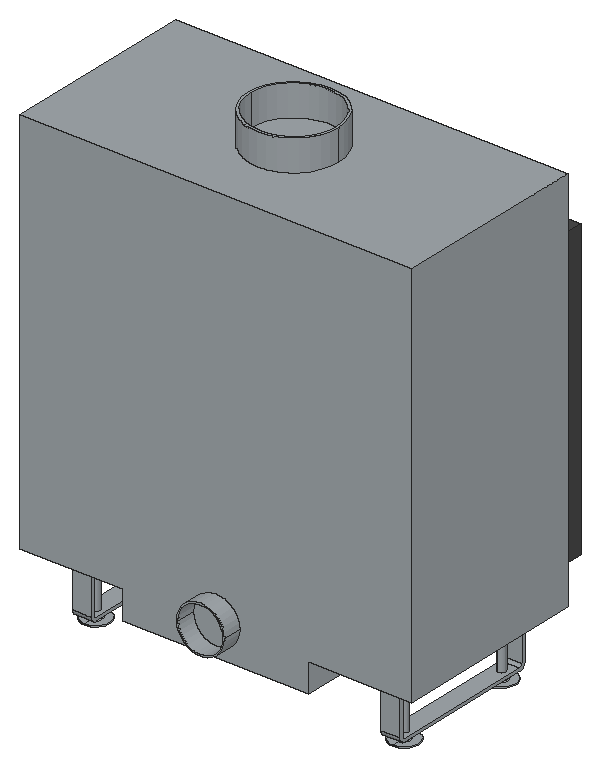
Revit family "METALFIRE_CITIZEN_MF_WHE_1S", category Mechanical Equipment, host Wall, Revit 2017
Family settings
  Host = Wall
  Round Connector Dimension = Use Diameter
  Part Type = Normal
  OmniClass Number = 23.75.00.00
  OmniClass Title = Climate Control (HVAC)
  Always vertical = Yes
  Cut with Voids When Loaded = No
  Shared = No
  Room Calculation Point = Yes
Parameters (values of type "700 x 600 mm")
  WIDTH = 702 mm
  WEIGHT = 195.00 kg
  URL = "https://www.metalfire.eu"
  TECHNICAL SHEET = "https://www.metalfire.eu/en/products/wood-fireplaces/citizen"
  SMOKE EXHAUST = "Ø150/180 mm"
  PRODUCT SHEET = "https://www.archiproducts.com/en/products/metalfire/wood-burning-fireplace-class-a-ultime-c_456694"
  PRODUCT CODE = "MF 700-60 WHE 1S"
  OVERALL WIDTH = 823 mm
  OVERALL HEIGHT = 1098 mm
  OVERALL DEPTH = 488 mm
  OUTPUT = 12.2 kW
  Model = "Citizen"
  Manufacturer = "Metalfire"
  MATERIAL DESCRIPTION = "Iron, galvanized steel and vermiculite plates"
  HEIGHT = 602 mm
  FRAME MATERIAL = Iron - Metalfire
  FINISHING MATERIAL = Black painted vermiculite plates - Metalfire
  FINE DUST EMISSION = "25 mg/Nm3"
  ENERGY EFFICIENCY CLASS = "A+"
  EFFICIENCY = 80.00%
  Description = "The Citizen is a compact closed wood-fired fireplace with hinged door."
  CO EMISSION = 0.09%
  BIM USER MANUAL = "https://img.edilportale.com/bim/METALFIRE-BIM-USER-MANUAL-Metalfire-bim.pdf"
  BIM BADGE = "https://bim.archiproducts.com/en/badge/bim-archiproducts-featured_658700/about"
  BIM AUTHOR = "https://bim.archiproducts.com"
Types (4, lengths in mm): name | WIDTH | WEIGHT | SMOKE EXHAUST | PRODUCT CODE | OVERALL WIDTH | OVERALL HEIGHT | OUTPUT | HEIGHT | FINE DUST EMISSION | ENERGY EFFICIENCY CLASS | EFFICIENCY | CO EMISSION
  700 x 600 mm | 702 | 195.00 kg | "Ø150/180 mm" | "MF 700-60 WHE 1S" | 823 | 1098 | 12.2 kW | 602 | "25 mg/Nm3" | "A+" | 80.00% | 0.09%
  900 x 450 mm | 902 | 200.00 kg | "Ø150/180 mm" | "MF 900-45 WHE 1S" | 1023 | 948 | 12.8 kW | 452 | "28 mg/Nm3" | "A" | 78.00% | 0.08%
  900 x 600 mm | 902 | 230.00 kg | "Ø180 mm" | "MF 900-60 WHE 1S" | 1023 | 1096 | 15.0 kW | 602 | "26 mg/Nm3" | "A+" | 79.00% | 0.10%
  1050 x 450 mm | 1052 | 230.00 kg | "Ø180 mm" | "MF 1050-45 WHE 1S" | 1173 | 948 | 13.4 kW | 452 | "23 mg/Nm3" | "A+" | 79.00% | 0.09%
Reference planes
  plane 1 "Wall": y = 0
  plane 2 "Center (Left/Right)": x = 0
  plane 3 "Back": y = 500
  plane 4: x = 351
  plane 5: x = -351
  plane 6: z = 188
  plane 7: z = 790
  plane 8: x = 324
  plane 9: x = -324
Forms (mm)
  Extrusion 1, void
    sketch origin (0, 500, 0) x (1, 0, 0) y (0, 0, 1)
      loop
        line (361, 178) -> (361, 800) -> (-361, 800) -> (-361, 178) -> (361, 178)
    from 0 to 70
  Extrusion 2, void
    sketch origin (0, 0, 0) x (0, 1, 0) y (0, 0, 1)
      loop
        line (13, 1021) -> (13, 0) -> (462, 0) -> (462, 1021) -> (13, 1021)
    from -411.5 to 411.5
  Revolve 3, solid, material "Iron - Metalfire" <- "FRAME MATERIAL", detail levels fine
    sketch origin (324, 763.599, 4000) x (0, 1, 0) y (0, 0, 1)
      loop
        line (-365.599, -3904) -> (-365.599, -4000) -> (-337.599, -4000) -> (-335.599, -3999) -> (-335.599, -3997) -> (-353.093, -3997) -> (-359.599, -3994) -> (-353.599, -3994) -> (-351.599, -3993) -> (-351.599, -3984) -> (-357.324, -3984) -> (-357.324, -3906) -> (-358.824, -3904) -> (-365.599, -3904)
      axis (-365.599, -3904) -> (-365.599, -4000)
    angle from 0 to 360
  Revolve 4, solid, material "Iron - Metalfire" <- "FRAME MATERIAL", detail levels fine
    sketch origin (324, 508.599, 4000) x (0, 1, 0) y (0, 0, 1)
      loop
        line (-365.599, -3904) -> (-365.599, -4000) -> (-337.599, -4000) -> (-335.599, -3999) -> (-335.599, -3997) -> (-353.093, -3997) -> (-359.599, -3994) -> (-353.599, -3994) -> (-351.599, -3993) -> (-351.599, -3984) -> (-357.324, -3984) -> (-357.324, -3906) -> (-358.824, -3904) -> (-365.599, -3904)
      axis (-365.599, -3904) -> (-365.599, -4000)
    angle from 0 to 360
  Extrusion 5, solid, material "Iron - Metalfire" <- "FRAME MATERIAL", detail levels fine
    sketch origin (324, 763.599, 4000) x (0, 1, 0) y (0, 0, 1)
      loop
        line (-656.599, -3857) -> (-656.599, -3975)
        arc (-656.599, -3975) -> (-653.084, -3983.485) -> (-644.599, -3987) r 12
        line (-644.599, -3987) -> (-341.599, -3987)
        arc (-341.599, -3987) -> (-333.114, -3983.485) -> (-329.599, -3975) r 12
        line (-329.599, -3975) -> (-329.599, -3857) -> (-335.599, -3857) -> (-335.599, -3975)
        arc (-335.599, -3975) -> (-337.356, -3979.243) -> (-341.599, -3981) r 6
        line (-341.599, -3981) -> (-644.599, -3981)
        arc (-644.599, -3981) -> (-648.842, -3979.243) -> (-650.599, -3975) r 6
        line (-650.599, -3975) -> (-650.599, -3857) -> (-656.599, -3857)
    from -20 to 20
  Extrusion 6, solid, material "Black painted vermiculite plates - Metalfire" <- "FINISHING MATERIAL", detail levels medium+fine
    sketch origin (0, 500, 0) x (1, 0, 0) y (0, 0, 1)
      loop
        line (351, 188) -> (351, 790) -> (-351, 790) -> (-351, 188) -> (351, 188)
      loop
        line (-361, 800) -> (-361, 178) -> (361, 178) -> (361, 800) -> (-361, 800)
    from -60 to 0
  Extrusion 7, solid, material "Iron - Metalfire" <- "FRAME MATERIAL", detail levels fine
    sketch origin (-324, -225.901, 4017.651) x (0, 1, 0) y (0, 0, 1)
      loop
        line (687.901, -3061.651) -> (278.901, -3061.651) -> (278.901, -3877.651) -> (687.901, -3877.651) -> (687.901, -3834.651) -> (359.201, -3834.651) -> (359.201, -3222.651) -> (687.901, -3222.651) -> (687.901, -3061.651)
    from -32 to 680
  Extrusion 8, solid, material "Black painted vermiculite plates - Metalfire" <- "FINISHING MATERIAL", detail levels medium+fine
    sketch origin (0, 500, 0) x (1, 0, 0) y (0, 0, 1)
      loop
        line (351, 188) -> (351, 790) -> (-351, 790) -> (-351, 188) -> (351, 188)
      loop
        line (-356, 795) -> (-356, 183) -> (356, 183) -> (356, 795) -> (-356, 795)
    from 0 to 366.7
  Extrusion 9, solid, material "Black painted vermiculite plates - Metalfire" <- "FINISHING MATERIAL", detail levels medium+fine
    sketch origin (-324, -225.901, 4017.651) x (0, 1, 0) y (0, 0, 1)
      loop
        line (359.201, -3829.651) -> (364.201, -3829.651) -> (364.201, -3227.651) -> (359.201, -3227.651) -> (359.201, -3829.651)
    from -27 to 675
  Extrusion 10, solid, material "Iron - Metalfire" <- "FRAME MATERIAL", detail levels fine
    sketch origin (-324, -225.901, 4017.651) x (0, 1, 0) y (0, 0, 1)
      loop
        line (687.901, -3061.651) -> (278.901, -3061.651) -> (278.901, -3877.651) -> (687.901, -3877.651) -> (687.901, -3061.651)
    from 680 to 735.5
  Extrusion 11, solid, material "Iron - Metalfire" <- "FRAME MATERIAL", detail levels fine
    sketch origin (324, -225.901, 4017.651) x (0, 1, 0) y (0, 0, -1)
      loop
        line (687.901, 3061.651) -> (687.901, 3877.651) -> (278.901, 3877.651) -> (278.901, 3061.651) -> (687.901, 3061.651)
    from 680 to 735.5
  Revolve 12, solid, material "Iron - Metalfire" <- "FRAME MATERIAL", detail levels fine
    sketch origin (-324, 763.599, 4000) x (0, 1, 0) y (0, 0, 1)
      loop
        line (-365.599, -3904) -> (-365.599, -4000) -> (-337.599, -4000) -> (-335.599, -3999) -> (-335.599, -3997) -> (-353.093, -3997) -> (-359.599, -3994) -> (-353.599, -3994) -> (-351.599, -3993) -> (-351.599, -3984) -> (-357.324, -3984) -> (-357.324, -3906) -> (-358.824, -3904) -> (-365.599, -3904)
      axis (-365.599, -3904) -> (-365.599, -4000)
    angle from 0 to 360
  Revolve 13, solid, material "Iron - Metalfire" <- "FRAME MATERIAL", detail levels fine
    sketch origin (-324, 508.599, 4000) x (0, 1, 0) y (0, 0, 1)
      loop
        line (-365.599, -3904) -> (-365.599, -4000) -> (-337.599, -4000) -> (-335.599, -3999) -> (-335.599, -3997) -> (-353.093, -3997) -> (-359.599, -3994) -> (-353.599, -3994) -> (-351.599, -3993) -> (-351.599, -3984) -> (-357.324, -3984) -> (-357.324, -3906) -> (-358.824, -3904) -> (-365.599, -3904)
      axis (-365.599, -3904) -> (-365.599, -4000)
    angle from 0 to 360
  Extrusion 14, solid, material "Iron - Metalfire" <- "FRAME MATERIAL", detail levels fine
    sketch origin (-324, 763.599, 4000) x (0, 1, 0) y (0, 0, -1)
      loop
        line (-656.599, 3857) -> (-650.599, 3857) -> (-650.599, 3975)
        arc (-650.599, 3975) -> (-648.842, 3979.243) -> (-644.599, 3981) r 6
        line (-644.599, 3981) -> (-341.599, 3981)
        arc (-341.599, 3981) -> (-337.356, 3979.243) -> (-335.599, 3975) r 6
        line (-335.599, 3975) -> (-335.599, 3857) -> (-329.599, 3857) -> (-329.599, 3975)
        arc (-329.599, 3975) -> (-333.114, 3983.485) -> (-341.599, 3987) r 12
        line (-341.599, 3987) -> (-644.599, 3987)
        arc (-644.599, 3987) -> (-653.084, 3983.485) -> (-656.599, 3975) r 12
        line (-656.599, 3975) -> (-656.599, 3857)
    from -20 to 20
  Revolve 15, solid, material "Iron - Metalfire" <- "FRAME MATERIAL", not visible, detail levels fine
    sketch origin (324, 563.599, 4000) x (0, 1, 0) y (0, 0, 1)
      loop
        line (-365.599, -3904) -> (-365.599, -4000) -> (-337.599, -4000) -> (-335.599, -3999) -> (-335.599, -3997) -> (-353.093, -3997) -> (-359.599, -3994) -> (-353.599, -3994) -> (-351.599, -3993) -> (-351.599, -3984) -> (-357.324, -3984) -> (-357.324, -3906) -> (-358.824, -3904) -> (-365.599, -3904)
      axis (-365.599, -3904) -> (-365.599, -4000)
    angle from 0 to 360
  Revolve 16, solid, material "Iron - Metalfire" <- "FRAME MATERIAL", not visible, detail levels fine
    sketch origin (324, 308.599, 4000) x (0, 1, 0) y (0, 0, 1)
      loop
        line (-365.599, -3904) -> (-365.599, -4000) -> (-337.599, -4000) -> (-335.599, -3999) -> (-335.599, -3997) -> (-353.093, -3997) -> (-359.599, -3994) -> (-353.599, -3994) -> (-351.599, -3993) -> (-351.599, -3984) -> (-357.324, -3984) -> (-357.324, -3906) -> (-358.824, -3904) -> (-365.599, -3904)
      axis (-365.599, -3904) -> (-365.599, -4000)
    angle from 0 to 360
  Extrusion 17, solid, material "Iron - Metalfire" <- "FRAME MATERIAL", not visible, detail levels fine
    sketch origin (324, 563.599, 4000) x (0, 1, 0) y (0, 0, 1)
      loop
        line (-656.599, -3857) -> (-656.599, -3975)
        arc (-656.599, -3975) -> (-653.084, -3983.485) -> (-644.599, -3987) r 12
        line (-644.599, -3987) -> (-341.599, -3987)
        arc (-341.599, -3987) -> (-333.114, -3983.485) -> (-329.599, -3975) r 12
        line (-329.599, -3975) -> (-329.599, -3857) -> (-335.599, -3857) -> (-335.599, -3975)
        arc (-335.599, -3975) -> (-337.356, -3979.243) -> (-341.599, -3981) r 6
        line (-341.599, -3981) -> (-644.599, -3981)
        arc (-644.599, -3981) -> (-648.842, -3979.243) -> (-650.599, -3975) r 6
        line (-650.599, -3975) -> (-650.599, -3857) -> (-656.599, -3857)
    from -20 to 20
  Revolve 18, solid, material "Iron - Metalfire" <- "FRAME MATERIAL", not visible, detail levels fine
    sketch origin (-324, 563.599, 4000) x (0, 1, 0) y (0, 0, 1)
      loop
        line (-365.599, -3904) -> (-365.599, -4000) -> (-337.599, -4000) -> (-335.599, -3999) -> (-335.599, -3997) -> (-353.093, -3997) -> (-359.599, -3994) -> (-353.599, -3994) -> (-351.599, -3993) -> (-351.599, -3984) -> (-357.324, -3984) -> (-357.324, -3906) -> (-358.824, -3904) -> (-365.599, -3904)
      axis (-365.599, -3904) -> (-365.599, -4000)
    angle from 0 to 360
  Revolve 19, solid, material "Iron - Metalfire" <- "FRAME MATERIAL", not visible, detail levels fine
    sketch origin (-324, 308.599, 4000) x (0, 1, 0) y (0, 0, 1)
      loop
        line (-365.599, -3904) -> (-365.599, -4000) -> (-337.599, -4000) -> (-335.599, -3999) -> (-335.599, -3997) -> (-353.093, -3997) -> (-359.599, -3994) -> (-353.599, -3994) -> (-351.599, -3993) -> (-351.599, -3984) -> (-357.324, -3984) -> (-357.324, -3906) -> (-358.824, -3904) -> (-365.599, -3904)
      axis (-365.599, -3904) -> (-365.599, -4000)
    angle from 0 to 360
  Extrusion 20, solid, material "Iron - Metalfire" <- "FRAME MATERIAL", not visible, detail levels fine
    sketch origin (-324, 563.599, 4000) x (0, 1, 0) y (0, 0, -1)
      loop
        line (-656.599, 3857) -> (-650.599, 3857) -> (-650.599, 3975)
        arc (-650.599, 3975) -> (-648.842, 3979.243) -> (-644.599, 3981) r 6
        line (-644.599, 3981) -> (-341.599, 3981)
        arc (-341.599, 3981) -> (-337.356, 3979.243) -> (-335.599, 3975) r 6
        line (-335.599, 3975) -> (-335.599, 3857) -> (-329.599, 3857) -> (-329.599, 3975)
        arc (-329.599, 3975) -> (-333.114, 3983.485) -> (-341.599, 3987) r 12
        line (-341.599, 3987) -> (-644.599, 3987)
        arc (-644.599, 3987) -> (-653.084, 3983.485) -> (-656.599, 3975) r 12
        line (-656.599, 3975) -> (-656.599, 3857)
    from -20 to 20
  Extrusion 21, solid, material "Iron - Metalfire" <- "FRAME MATERIAL", detail levels fine
    sketch origin (0, 0, 0) x (1, 0, 0) y (0, 1, 0)
      loop
        circle (0, 257.5) r 90
      loop
        circle (0, 257.5) r 95
    from 956 to 1021
  Extrusion 22, solid, material "Iron - Metalfire" <- "FRAME MATERIAL", detail levels fine
    sketch origin (0, 500, 0) x (1, 0, 0) y (0, 0, 1)
      loop
        line (195, 80) -> (195, 140) -> (-195, 140) -> (-195, 80) -> (195, 80)
    from 38 to 447
  Extrusion 23, solid, material "Iron - Metalfire" <- "FRAME MATERIAL", detail levels fine
    sketch origin (0, 500, 0) x (1, 0, 0) y (0, 0, 1)
      loop
        circle (0, 150) r 50
      loop
        circle (0, 150) r 47.5
    from 487 to 447
  Extrusion 24, solid, material "Iron - Metalfire" <- "FRAME MATERIAL", detail levels fine
    sketch origin (0, 0, 0) x (1, 0, 0) y (0, 1, 0)
      loop
        circle (0, 257.5) r 50
      loop
        circle (0, 257.5) r 47.5
    from 80 to 40
  Extrusion 25, solid, material "Clear Glass - Metalfire", detail levels medium+fine
    sketch origin (0, 500, 0) x (1, 0, 0) y (0, 0, 1)
      loop
        line (351, 188) -> (351, 790) -> (-351, 790) -> (-351, 188) -> (351, 188)
    from 0 to 5
Cuts and joins
  joined: Extrusion 8, Extrusion 9
  joined: Extrusion 7, Extrusion 10, Extrusion 11, Extrusion 22
Text (mm)
  text "Placement side" at (-1820.995, 1116.779, 0), in view "Ref. Level"
  text "Placement side" at (0, 1334.055, 2976.191), in view "Left"
  text "Placement side" at (0, 439.194, 2944.362), in view "Right"
Dimensions and locks
  locked: plane 3 "Back" to host wall
  equal spacing: plane 5, plane 2 "Center (Left/Right)", plane 4
  "WIDTH": plane 5 to plane 4
  locked: level to plane 6 at 188
  "HEIGHT": plane 6 to plane 7
  locked: plane 4 to plane 8 at 27
  locked: Extrusion 6 sketch curve to Extrusion 6 sketch curve at 10  (x4)
  locked: plane 3 "Back" to Extrusion 6 at 60
  Extrusion 7 sketch curve to Extrusion 7 sketch curve to Extrusion 7 sketch curve to plane 3 "Back" = 80.3 mm locked, 328.7 mm locked, 38 mm locked
  locked: Extrusion 7 sketch curve to plane 7 at 166
  locked: Extrusion 7 sketch curve to plane 6 at 48
  locked: Extrusion 8 sketch curve to Extrusion 8 sketch curve at 5  (x4)
  locked: Extrusion 8 to Extrusion 9 sketch curve at 5
  locked: Extrusion 10 to plane 4 at 60.5
  locked: Extrusion 11 to plane 5 at 60.5
  locked: Extrusion 5 to plane 3 "Back" at 393
  locked: plane 5 to plane 9 at 27
  locked: Extrusion 21 sketch curve to plane 3 "Back" at 242.5
  locked: plane 7 to Extrusion 21 at 231
  locked: Extrusion 22 sketch curve to Extrusion 22 sketch curve at 60
  locked: Extrusion 22 sketch curve to Extrusion 22 sketch curve at 390
  locked: level to Extrusion 23 sketch curve at 150
  locked: Extrusion 23 to cut or joined group of Extrusion 7, Extrusion 10, Extrusion 11, Extrusion 22 at 40
  locked: Extrusion 24 sketch curve to plane 3 "Back" at 242.5
  locked: Extrusion 24 to cut or joined group of Extrusion 7, Extrusion 10, Extrusion 11, Extrusion 22 at 40
  locked: Extrusion 25 to Extrusion 6 at 5
  aligned and locked: plane 1 "Wall" to host wall
  aligned and locked: Extrusion 1 to plane 3 "Back"
  aligned and locked: plane 4 to Extrusion 6 sketch curve
  aligned and locked: plane 7 to Extrusion 6 sketch curve
  aligned and locked: plane 6 to Extrusion 6 sketch curve
  aligned and locked: Extrusion 6 to plane 3 "Back"
  aligned and locked: Extrusion 7 sketch curve to Extrusion 7 sketch curve
  aligned and locked: Extrusion 6 sketch curve to plane 5
  aligned and locked: plane 6 to Extrusion 8 sketch curve
  aligned and locked: Extrusion 8 sketch curve to plane 7
  aligned and locked: Extrusion 8 to plane 3 "Back"
  aligned and locked: Extrusion 8 to Extrusion 7
  aligned and locked: Extrusion 7 sketch curve to Extrusion 8  (x2)
  aligned and locked: plane 4 to Extrusion 8 sketch curve
  aligned and locked: Extrusion 8 sketch curve to plane 5
  aligned and locked: Extrusion 7 to Extrusion 8  (x2)
  aligned and locked: plane 7 to Extrusion 9 sketch curve
  aligned and locked: Extrusion 9 sketch curve to plane 6
  aligned and locked: Extrusion 8 to Extrusion 9 sketch curve
  aligned and locked: Extrusion 9 to plane 5
  aligned and locked: plane 4 to Extrusion 9
  aligned and locked: Extrusion 10 sketch curve to Extrusion 7  (x4)
  aligned and locked: Extrusion 10 to Extrusion 7
  aligned and locked: Extrusion 11 to Extrusion 7
  aligned and locked: Extrusion 14 to Extrusion 5
  aligned and locked: plane 2 "Center (Left/Right)" to Extrusion 21 sketch curve
  aligned and locked: Extrusion 21 to cut or joined group of Extrusion 7, Extrusion 10, Extrusion 11, Extrusion 22
  aligned and locked: Extrusion 22 sketch curve to cut or joined group of Extrusion 7, Extrusion 10, Extrusion 11, Extrusion 22
  aligned and locked: Extrusion 22 to cut or joined group of Extrusion 7, Extrusion 10, Extrusion 11, Extrusion 22
  aligned and locked: cut or joined group of Extrusion 7, Extrusion 10, Extrusion 11, Extrusion 22 to Extrusion 22
  aligned and locked: plane 2 "Center (Left/Right)" to Extrusion 23 sketch curve
  aligned and locked: cut or joined group of Extrusion 7, Extrusion 10, Extrusion 11, Extrusion 22 to Extrusion 23
  aligned and locked: plane 2 "Center (Left/Right)" to Extrusion 24 sketch curve
  aligned and locked: cut or joined group of Extrusion 7, Extrusion 10, Extrusion 11, Extrusion 22 to Extrusion 24
  aligned and locked: cut or joined group of Extrusion 7, Extrusion 10, Extrusion 11, Extrusion 22 to cut or joined group of Extrusion 7, Extrusion 10, Extrusion 11, Extrusion 22
  aligned and locked: Extrusion 2 sketch curve to cut or joined group of Extrusion 7, Extrusion 10, Extrusion 11, Extrusion 22
  aligned and locked: Extrusion 2 sketch curve to Extrusion 21
  aligned and locked: Extrusion 2 sketch curve to Extrusion 23
  aligned and locked: Extrusion 6 to Extrusion 1 sketch curve
  aligned and locked: Extrusion 1 sketch curve to Extrusion 6  (x3)
  aligned and locked: plane 7 to Extrusion 25 sketch curve
  aligned and locked: Extrusion 25 sketch curve to plane 6
  aligned and locked: plane 4 to Extrusion 25 sketch curve
  aligned and locked: Extrusion 25 sketch curve to plane 5
  aligned and locked: Extrusion 25 to plane 3 "Back"
  aligned and locked: nested 1 to cut or joined group of Extrusion 7, Extrusion 10, Extrusion 11, Extrusion 22
  aligned and locked: nested 1 to Extrusion 23
  aligned and locked: plane 3 "Back" to nested 1
  aligned and locked: Extrusion 2 to cut or joined group of Extrusion 7, Extrusion 10, Extrusion 11, Extrusion 22  (x2)
Automatic sketch dimensions
  Extrusion 2 sketch curve to level = 0 mm
  Revolve 3 sketch curve to Revolve 3 sketch curve = 6 mm  (x2)
  Revolve 3 sketch curve to Revolve 3 sketch curve = 6.775 mm
  Revolve 3 sketch curve to Revolve 3 sketch curve = 1.5 mm
  Revolve 3 sketch curve to Revolve 3 sketch curve = 0.506 mm
  Revolve 3 sketch curve to Revolve 3 sketch curve = 5.725 mm
  Revolve 3 sketch curve to Revolve 3 sketch curve = 14 mm  (x2)
  Revolve 3 sketch curve to Revolve 3 sketch curve = 2 mm  (x2)
  Revolve 3 sketch curve to Revolve 3 sketch curve = 1 mm  (x2)
  Revolve 3 sketch curve to Revolve 3 sketch curve = 10 mm  (x2)
  Revolve 3 sketch curve to Revolve 3 sketch curve = 78 mm
  Revolve 3 sketch curve to Revolve 3 sketch curve = 0 mm
  Revolve 4 sketch curve to Revolve 4 sketch curve = 6 mm  (x2)
  Revolve 4 sketch curve to Revolve 4 sketch curve = 6.775 mm
  Revolve 4 sketch curve to Revolve 4 sketch curve = 1.5 mm
  Revolve 4 sketch curve to Revolve 4 sketch curve = 0.506 mm
  Revolve 4 sketch curve to Revolve 4 sketch curve = 5.725 mm
  Revolve 4 sketch curve to Revolve 4 sketch curve = 14 mm  (x2)
  Revolve 4 sketch curve to Revolve 4 sketch curve = 2 mm  (x2)
  Revolve 4 sketch curve to Revolve 4 sketch curve = 1 mm  (x2)
  Revolve 4 sketch curve to Revolve 4 sketch curve = 10 mm  (x2)
  Revolve 4 sketch curve to Revolve 4 sketch curve = 78 mm
  Revolve 4 sketch curve to Revolve 4 sketch curve = 0 mm
  Extrusion 5 sketch curve to Extrusion 5 sketch curve = 0 mm  (x8)
  Extrusion 5 sketch curve to Extrusion 5 sketch curve = 6 mm  (x3)
  Extrusion 11 sketch curve to host wall = 53 mm
  Extrusion 11 sketch curve to host wall = 38 mm
  plane 7 to Extrusion 11 sketch curve = 166 mm
  Extrusion 11 sketch curve to plane 6 = 48 mm
  Revolve 12 sketch curve to Revolve 12 sketch curve = 6 mm  (x2)
  Revolve 12 sketch curve to Revolve 12 sketch curve = 6.775 mm
  Revolve 12 sketch curve to Revolve 12 sketch curve = 1.5 mm
  Revolve 12 sketch curve to Revolve 12 sketch curve = 0.506 mm
  Revolve 12 sketch curve to Revolve 12 sketch curve = 5.725 mm
  Revolve 12 sketch curve to Revolve 12 sketch curve = 14 mm  (x2)
  Revolve 12 sketch curve to Revolve 12 sketch curve = 2 mm  (x2)
  Revolve 12 sketch curve to Revolve 12 sketch curve = 1 mm  (x2)
  Revolve 12 sketch curve to Revolve 12 sketch curve = 10 mm  (x2)
  Revolve 12 sketch curve to Revolve 12 sketch curve = 78 mm
  Revolve 12 sketch curve to Revolve 12 sketch curve = 0 mm
  Revolve 13 sketch curve to Revolve 13 sketch curve = 6 mm  (x2)
  Revolve 13 sketch curve to Revolve 13 sketch curve = 6.775 mm
  Revolve 13 sketch curve to Revolve 13 sketch curve = 1.5 mm
  Revolve 13 sketch curve to Revolve 13 sketch curve = 0.506 mm
  Revolve 13 sketch curve to Revolve 13 sketch curve = 5.725 mm
  Revolve 13 sketch curve to Revolve 13 sketch curve = 14 mm  (x2)
  Revolve 13 sketch curve to Revolve 13 sketch curve = 2 mm  (x2)
  Revolve 13 sketch curve to Revolve 13 sketch curve = 1 mm  (x2)
  Revolve 13 sketch curve to Revolve 13 sketch curve = 10 mm  (x2)
  Revolve 13 sketch curve to Revolve 13 sketch curve = 78 mm
  Revolve 13 sketch curve to Revolve 13 sketch curve = 0 mm
  Extrusion 14 sketch curve to Extrusion 14 sketch curve = 0 mm  (x8)
  Extrusion 14 sketch curve to Extrusion 14 sketch curve = 6 mm  (x3)
  Revolve 3 sketch curve to Revolve 3 sketch curve = 3 mm  (x2)
  Revolve 4 sketch curve to Revolve 4 sketch curve = 3 mm  (x2)
  Extrusion 5 sketch curve to Extrusion 5 sketch curve = 303 mm
  Extrusion 5 sketch curve to Extrusion 5 sketch curve = 118 mm  (x2)
  Revolve 15 sketch curve to Revolve 15 sketch curve = 6 mm  (x2)
  Revolve 15 sketch curve to Revolve 15 sketch curve = 6.775 mm
  Revolve 15 sketch curve to Revolve 15 sketch curve = 1.5 mm
  Revolve 15 sketch curve to Revolve 15 sketch curve = 0.506 mm
  Revolve 15 sketch curve to Revolve 15 sketch curve = 5.725 mm
  Revolve 15 sketch curve to Revolve 15 sketch curve = 14 mm  (x2)
  Revolve 15 sketch curve to Revolve 15 sketch curve = 2 mm  (x2)
  Revolve 15 sketch curve to Revolve 15 sketch curve = 1 mm  (x2)
  Revolve 15 sketch curve to Revolve 15 sketch curve = 10 mm  (x2)
  Revolve 15 sketch curve to Revolve 15 sketch curve = 78 mm
  Revolve 15 sketch curve to Revolve 15 sketch curve = 0 mm
  Revolve 16 sketch curve to Revolve 16 sketch curve = 6 mm  (x2)
  Revolve 16 sketch curve to Revolve 16 sketch curve = 6.775 mm
  Revolve 16 sketch curve to Revolve 16 sketch curve = 1.5 mm
  Revolve 16 sketch curve to Revolve 16 sketch curve = 0.506 mm
  Revolve 16 sketch curve to Revolve 16 sketch curve = 5.725 mm
  Revolve 16 sketch curve to Revolve 16 sketch curve = 14 mm  (x2)
  Revolve 16 sketch curve to Revolve 16 sketch curve = 2 mm  (x2)
  Revolve 16 sketch curve to Revolve 16 sketch curve = 1 mm  (x2)
  Revolve 16 sketch curve to Revolve 16 sketch curve = 10 mm  (x2)
  Revolve 16 sketch curve to Revolve 16 sketch curve = 78 mm
  Revolve 16 sketch curve to Revolve 16 sketch curve = 0 mm
  Extrusion 17 sketch curve to Extrusion 17 sketch curve = 0 mm  (x8)
  Extrusion 17 sketch curve to Extrusion 17 sketch curve = 6 mm  (x3)
  Revolve 15 sketch curve to Revolve 15 sketch curve = 3 mm  (x2)
  Revolve 16 sketch curve to Revolve 16 sketch curve = 3 mm  (x2)
  Extrusion 17 sketch curve to Extrusion 17 sketch curve = 303 mm
  Extrusion 17 sketch curve to Extrusion 17 sketch curve = 118 mm  (x2)
  Revolve 12 sketch curve to Revolve 12 sketch curve = 3 mm  (x2)
  Revolve 13 sketch curve to Revolve 13 sketch curve = 3 mm  (x2)
  Extrusion 14 sketch curve to Extrusion 14 sketch curve = 303 mm
  Extrusion 14 sketch curve to Extrusion 14 sketch curve = 118 mm  (x2)
  Revolve 18 sketch curve to Revolve 18 sketch curve = 6 mm  (x2)
  Revolve 18 sketch curve to Revolve 18 sketch curve = 6.775 mm
  Revolve 18 sketch curve to Revolve 18 sketch curve = 1.5 mm
  Revolve 18 sketch curve to Revolve 18 sketch curve = 0.506 mm
  Revolve 18 sketch curve to Revolve 18 sketch curve = 5.725 mm
  Revolve 18 sketch curve to Revolve 18 sketch curve = 14 mm  (x2)
  Revolve 18 sketch curve to Revolve 18 sketch curve = 2 mm  (x2)
  Revolve 18 sketch curve to Revolve 18 sketch curve = 1 mm  (x2)
  Revolve 18 sketch curve to Revolve 18 sketch curve = 10 mm  (x2)
  Revolve 18 sketch curve to Revolve 18 sketch curve = 78 mm
  Revolve 18 sketch curve to Revolve 18 sketch curve = 0 mm
  Revolve 19 sketch curve to Revolve 19 sketch curve = 6 mm  (x2)
  Revolve 19 sketch curve to Revolve 19 sketch curve = 6.775 mm
  Revolve 19 sketch curve to Revolve 19 sketch curve = 1.5 mm
  Revolve 19 sketch curve to Revolve 19 sketch curve = 0.506 mm
  Revolve 19 sketch curve to Revolve 19 sketch curve = 5.725 mm
  Revolve 19 sketch curve to Revolve 19 sketch curve = 14 mm  (x2)
  Revolve 19 sketch curve to Revolve 19 sketch curve = 2 mm  (x2)
  Revolve 19 sketch curve to Revolve 19 sketch curve = 1 mm  (x2)
  Revolve 19 sketch curve to Revolve 19 sketch curve = 10 mm  (x2)
  Revolve 19 sketch curve to Revolve 19 sketch curve = 78 mm
  Revolve 19 sketch curve to Revolve 19 sketch curve = 0 mm
  Extrusion 20 sketch curve to Extrusion 20 sketch curve = 0 mm  (x8)
  Extrusion 20 sketch curve to Extrusion 20 sketch curve = 6 mm  (x3)
  Revolve 18 sketch curve to Revolve 18 sketch curve = 3 mm  (x2)
  Revolve 19 sketch curve to Revolve 19 sketch curve = 3 mm  (x2)
  Extrusion 20 sketch curve to Extrusion 20 sketch curve = 303 mm
  Extrusion 20 sketch curve to Extrusion 20 sketch curve = 118 mm  (x2)
  Extrusion 21 sketch curve to Extrusion 21 sketch curve = 0 mm  (x2)
  Extrusion 22 sketch curve to plane 8 = 129 mm
  Extrusion 23 sketch curve to Extrusion 23 sketch curve = 0 mm  (x2)
  Extrusion 24 sketch curve to Extrusion 24 sketch curve = 0 mm  (x2)
  radius of Extrusion 21 sketch curve = 90 mm
  radius of Extrusion 21 sketch curve = 95 mm
  radius of Extrusion 23 sketch curve = 50 mm
  radius of Extrusion 23 sketch curve = 47.5 mm
  radius of Extrusion 24 sketch curve = 50 mm
  radius of Extrusion 24 sketch curve = 47.5 mm
Nested families
  nested 1: "FIREPLACE_SYMBOL_detail item" at (0, 256.5, 0), WIDTH <- "OVERALL WIDTH", type "FIREPLACE_SYMBOL_detail item", detail levels coarse
    with WIDTH 823 mm, HEIGHT 487 mm
Connectors
  piping at (0, 257.5, 956), diameter 180
    settings: on Extrusion 21, index 1, connector inside diameter 609.6 mm, connector length 0 mm, flow factor 0, pipe flow 0.0 L/s, pressure drop 0.0 Pa, fitting loss kfactor 0, connector angle 0.00°, fixture units 0, engagement length 0 mm, angle of deflection 0.00°, flow configuration 1, flow direction 2, fitting loss method 0, system type 22, joint type 0, gender type 0, connector reference index -1, connector utility 0, adjustable connector no, is connector primary yes, connector description ""
Definition of nested family "FIREPLACE_SYMBOL_detail item"
  Parameters (values of type "FIREPLACE_SYMBOL_detail item")
    WIDTH [instance] = 500 mm
    HEIGHT [instance] = 500 mm
  Reference planes
    plane 1 "Center (Front/Back)": y = 0
    plane 2: z = 0
    plane 3 "Center (Left/Right)": x = 0
    plane 4: x = 250
    plane 5: x = -250
    plane 6: y = 250
    plane 7: y = -250
  Lines and regions (mm)
    Filled region 1, type "Concrete", in view "Ref. Level"
      outline origin (-246.617, 90, 0) x (1, 0, 0) y (0, 1, 0)
        loop
          line (-3.383, -340) -> (496.617, -340) -> (496.617, 160) -> (-3.383, -340)
    detail lines, in view "Ref. Level"
      curve 1: line (-250, 250, 0) -> (250, 250, 0)
      curve 2: line (-250, -250, 0) -> (-250, 250, 0)
      curve 3: line (250, -250, 0) -> (-250, -250, 0)
      curve 4: line (250, 250, 0) -> (250, -250, 0)
  Dimensions and locks
    equal spacing: plane 5, plane 3 "Center (Left/Right)", plane 4
    equal spacing: plane 7, plane 1 "Center (Front/Back)", plane 6
    "WIDTH": plane 5 to plane 4
    "HEIGHT": plane 7 to plane 6
    aligned and locked: plane 6 to curve 1
    aligned and locked: plane 5 to curve 2
    aligned and locked: curve 3 to plane 7
    aligned and locked: curve 4 to plane 4
    aligned and locked: plane 6 to Filled region 1 sketch curve
    aligned and locked: plane 5 to Filled region 1 sketch curve
    aligned and locked: Filled region 1 sketch curve to plane 4
    aligned and locked: plane 7 to Filled region 1 sketch curve
